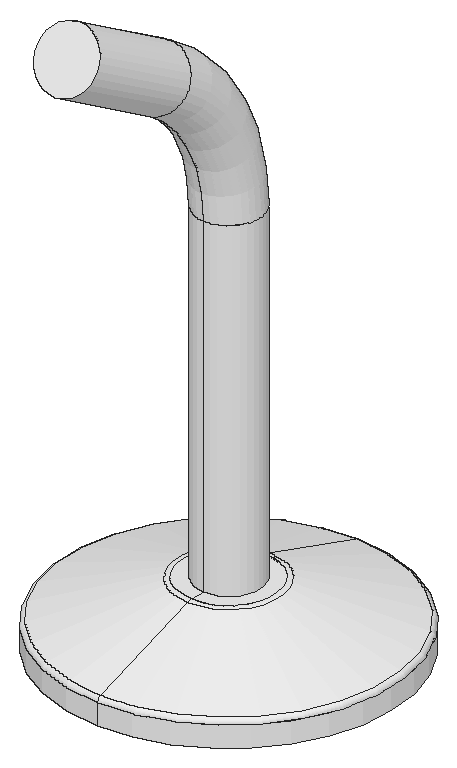
Revit family "Shower_Arm-GROHE-Relexa-27414_Series", category Plumbing Fixtures, host Face, Revit 2014
Parameters (values of type "27414000")
  Width = 1 5/8"
  Waste Connection = no
  Warranty Documentation Link = "https://cdn.cloud.grohe.com/tpi/1000/1900/1940/1949/1949006/original/1949006.pdf"
  WFU = 4  # constant formula
  Vent Connection = no
  URL = "https://www.grohe.us/"
  Type Comments = ""
  Tempered Connection Radius = Tempered Connection Diameter / 2  # 1/4"
  Tempered Connection Diameter = Hot Water Connection Diameter  # 1/2"
  Product Page URL = "https://www.grohe.us/en_us/5-5-8-tubular-shower-arm-27414000.html"
  Price = "Prices may vary. Please consult Manufacturer Representative for most up-to-date price list."  # constant formula
  Model = "27414000"
  Material = "Metal-Grohe-000-Chrome"
  Manufacturer = "Grohe"
  Length = 3 3/16"  # constant formula
  Installation Type = "Wall Mounted"
  Hot Water Connection Radius = Hot Water Connection Diameter / 2  # 1/4"
  Hot Water Connection Diameter = Cold Water Connection Diameter  # 1/2"
  Height = 4 15/16"  # constant formula
  HWFU = 3  # constant formula
  Flow Rate = "2.0 gpm (7.6 L/min)"  # constant formula
  Finish = Metal-Grohe-000-Chrome
  Description = "Relexa"  # constant formula
  Default Elevation = 78"  # constant formula
  Creation Date = "03/10/2017"  # constant formula
  Cold Water Connection Radius = 1/4"  # constant formula
  Cold Water Connection Diameter = Cold Water Connection Radius * 2  # 1/2"
  CWFU = 3  # constant formula
  Assembly Code = "D2090800"
Types (3): name | Product Page URL | Model | Material | Finish
  (no name) | "https://www.grohe.us/en_us/5-5-8-tubular-shower-arm-27414000.html" | "27414000" | "Metal-Grohe-000-Chrome" | Metal-Grohe-000-Chrome
  27414000 | "https://www.grohe.us/en_us/5-5-8-tubular-shower-arm-27414000.html" | "27414000" | "Metal-Grohe-000-Chrome" | Metal-Grohe-000-Chrome
  27414EN0 | "https://www.grohe.us/en_us/5-5-8-tubular-shower-arm-27414EN0.html" | "27414EN0" | "Metal-Grohe-EN0-Brushed Nickel" | Metal-Grohe-EN0-Brushed Nickel
Reference planes (in)
  plane 1 "Center (Front/Back)": y = 0
  plane 2: z = 0
  plane 3 "Center (Left/Right)": x = 0
  plane 4: z = 4.9375
  plane 5: y = -1.625
  plane 6: x = -1.375
  plane 7: x = 1.375
  plane 8: y = 1.3125
  plane 9: through (0, -2.08508, 5.20312) normal (0, 0.5, 0.866)
  plane 10: y = -1.3125
  plane 11: z = 0.5
Forms (in)
  Revolve 1, solid, material "Metal-Grohe-000-Chrome" <- "Finish"
    sketch origin (0, 0, 0) x (0, 1, 0) y (0, 0, 1)
      loop
        line (0, 0.5) -> (0, 0) -> (1.3125, 0) -> (1.3125, 0.16912)
        arc (1.3125, 0.16912) -> (1.30438, 0.19412) -> (1.28311, 0.20957) r 0.04253
        line (1.28311, 0.20957) -> (0.40952, 0.49341)
        arc (0.40952, 0.49341) -> (0.38899, 0.49834) -> (0.36794, 0.5) r 0.13458
        line (0.36794, 0.5) -> (0, 0.5)
      axis (0, 0.5) -> (0, 0)
    angle from 0 to 360
  Sweep 2, solid, material "Metal-Grohe-000-Chrome" <- "Finish"
    path origin (0, 0, 0) x (0, 1, 0) y (0, 0, 1)
      loop
        line (-1.625, 4.9375) -> (-0.71784, 4.41375)
        arc (-0.71784, 4.41375) -> (-0.19234, 3.88826) -> (0, 3.17042) r 1.43567
        line (0, 3.17042) -> (0, 0.1856)
    profile origin (0, 0, 1.67801) x (0, -1, 0) y (1, 0, 0)
      loop
        circle (0, 0) r 0.25
Cuts and joins
  joined: Revolve 1, Sweep 2
Lines and regions (in)
  Masking region 1
    outline origin (0, 0, 0) x (1, 0, 0) y (0, 0, 1)
      loop
        line (0.25101, 0.5) -> (0.25101, 4.96621)
        arc (0.25101, 4.96621) -> (-0.00386, 5.16464) -> (-0.25101, 4.95668) r 0.25669
        line (-0.25101, 4.95668) -> (-0.25101, 0.5) -> (-0.37235, 0.5)
        arc (-0.37235, 0.5) -> (-0.39156, 0.49849) -> (-0.4103, 0.49399) r 0.12279
        line (-0.4103, 0.49399) -> (-1.28323, 0.21036)
        arc (-1.28323, 0.21036) -> (-1.30441, 0.19497) -> (-1.3125, 0.17007) r 0.04236
        line (-1.3125, 0.17007) -> (-1.3125, 0) -> (1.3125, 0) -> (1.3125, 0.17007)
        arc (1.3125, 0.17007) -> (1.30441, 0.19497) -> (1.28323, 0.21036) r 0.04236
        line (1.28323, 0.21036) -> (0.4103, 0.49399)
        arc (0.4103, 0.49399) -> (0.39156, 0.49849) -> (0.37235, 0.5) r 0.12279
        line (0.37235, 0.5) -> (0.25101, 0.5)
  symbolic lines, style "PlumbingFixtures", detail levels medium+fine
    curve 1: line (0.25, 0, 0.5) -> (-0.25, 0, 0.5)
Dimensions and locks (in)
  "Height": plane 4 to level
  "Width": plane 1 "Center (Front/Back)" to plane 5
  locked: plane 11 to level at 0.5
  angle plane 4 to plane 9 = 30.00°
  aligned and locked: plane 2 to host face
  aligned and locked: level to host face
Automatic sketch dimensions
  host sketch curve to host sketch curve = 96"  (x2)
  Sweep 2 sketch curve to plane 4 = 0"
  Sweep 2 sketch curve to plane 5 = 0"
  Sweep 2 sketch curve to plane 9 = 0"
  Sweep 2 sketch curve to plane 1 "Center (Front/Back)" = 0"
  Sweep 2 sketch curve to plane 4 = 0.52375"
  level to Sweep 2 sketch curve = 0.1856"
  Sweep 2 sketch curve to plane 3 "Center (Left/Right)" = 0"
  Sweep 2 sketch curve to profile plane = 0"
  Sweep 2 sketch curve to plane 5 = 0.18933"
  curve 1 to plane 3 "Center (Left/Right)" = 1/4"
  plane 3 "Center (Left/Right)" to curve 1 = 1/4"
  Revolve 1 sketch curve to plane 1 "Center (Front/Back)" = 0"  (x2)
  Revolve 1 sketch curve to plane 11 = 0"
  Revolve 1 sketch curve to level = 0"
  Revolve 1 sketch curve to plane 8 = 0"
  Revolve 1 sketch curve to plane 11 = 0.13458"
  Revolve 1 sketch curve to plane 1 "Center (Front/Back)" = 0.36794"
  Revolve 1 sketch curve to plane 11 = 0.00659"
  Revolve 1 sketch curve to Revolve 1 sketch curve = 0.04253"
  plane 8 to Revolve 1 sketch curve = 0.02939"
  level to Revolve 1 sketch curve = 0.16912"
  Revolve 1 sketch curve to level = 1/4"
  Revolve 1 sketch curve to Revolve 1 sketch curve = 0.36022"
  plane 11 to curve 1 = 0"
  Masking region 1 sketch curve to level = 0"
  Masking region 1 sketch curve to plane 11 = 0"  (x2)
  plane 6 to Masking region 1 sketch curve = 1/16"
  Masking region 1 sketch curve to Masking region 1 sketch curve = 0.02927"
  Masking region 1 sketch curve to Masking region 1 sketch curve = 0.04236"
  Masking region 1 sketch curve to plane 11 = 0.00601"  (x2)
  Masking region 1 sketch curve to plane 3 "Center (Left/Right)" = 0.4103"
  Masking region 1 sketch curve to Masking region 1 sketch curve = 0.03794"  (x2)
  plane 4 to Masking region 1 sketch curve = 0.01918"
  Masking region 1 sketch curve to plane 3 "Center (Left/Right)" = 0.25101"
  plane 3 "Center (Left/Right)" to Masking region 1 sketch curve = 0.00101"
  plane 4 to Masking region 1 sketch curve = 0.02871"
  plane 3 "Center (Left/Right)" to Masking region 1 sketch curve = 0.25101"
  Masking region 1 sketch curve to Masking region 1 sketch curve = 0.12134"
  plane 7 to Masking region 1 sketch curve = 0.10486"
  Masking region 1 sketch curve to Masking region 1 sketch curve = 0.01309"
  plane 7 to Masking region 1 sketch curve = 1/16"
  level to Masking region 1 sketch curve = 0.17007"  (x2)
  radius of Sweep 2 sketch curve = 1/4"
Connectors (in)
  piping at (0, 0, 0), diameter 0.5, driven by "Tempered Connection Diameter"
    settings: on cut or joined group of Revolve 1, Sweep 2, index 1, connector inside diameter 24", connector length 0", flow factor 0, pipe flow 0 GPM, pressure drop 0.00 psi, fitting loss kfactor 0, connector angle 0.00°, fixture units 0, engagement length 0", angle of deflection 0.00°, flow configuration 0, flow direction 1, fitting loss method 0, system type 29, joint type 0, gender type 0, connector reference index -1, connector utility 0, adjustable connector no, is connector primary yes, connector description "1/2\" NPT Supply Inlet"
